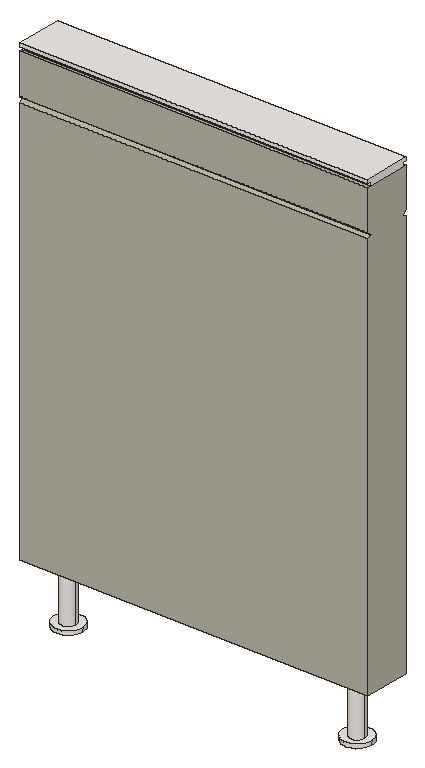
Revit family "M_Sistema de mobiliário-partição-painel", category Sistema de mobiliário, Revit 2019
Family settings
  Cota do conector redondo = Utilizar diâmetro
  Tipo de parte = Normal
  Número OmniClass = 23.40.70.14.64.21
  Título OmniClass = Systems Furniture
  Com base no plano de trabalho = Não
  Sempre na vertical = Sim
  Corte com vazios quando carregada = Não
  Compartilhado = Não
  Ponto de cálculo do ambiente = Não
Parameters (values of type "600 x 900mm")
  Comentários de tipos = "Painel de 600 x 900 mm"
  Espessura = 80 mm
  Início – Tampa visível [instance] = no
  Material do painel [instance] = Tela – Xadrez bege
  Model = ""
  Manufacturer = ""
  Comprimento = 600 mm
  Altura = 900 mm
  Final – Tampa visível [instance] = no
  Material da aresta [instance] = Metal – Linho pintado
  Description = ""
Reference planes
  plane 1 "Centro F/T": y = 0
  plane 2: z = 0
  plane 3 "Centro E/D": x = 0
  plane 4 "Direita": x = 600
  plane 5 "Parte frontal": y = -40
  plane 6: x = 612.7
  plane 7 "Superior": z = 900
  plane 8: z = 101.6
  plane 9: z = 887.3
  plane 10: z = 893.65
  plane 11: x = 50.8
  plane 12: x = 549.2
  plane 13: y = 40
  plane 14: x = 606.35
  plane 15: x = -12.7
  plane 16: z = 6.35
  plane 17: z = 812.8
  plane 18: x = -6.35
Forms (mm)
  Extrusion 1, solid, material "Tela – Xadrez bege" <- "Material do painel"
    sketch origin (0, 0, 0) x (1, 0, 0) y (0, 1, 0)
      loop
        line (0, 40) -> (0, -40) -> (600, -40) -> (600, 40) -> (0, 40)
    from 101.6 to 887.3
  Extrusion 2, solid, material "Metal – Linho pintado" <- "Material da aresta"
    sketch origin (0, 0, 0) x (0, 1, 0) y (0, 0, 1)
      loop
        line (40, 893.65) -> (40, 900) -> (-40, 900) -> (-40, 893.65) -> (-33.65, 893.65) -> (-33.65, 887.3) -> (33.65, 887.3) -> (33.65, 893.65) -> (40, 893.65)
    from 0 to 600
  Extrusion 3, solid, material "Metal – Linho pintado" <- "Material da aresta"
    sketch origin (0, 0, 0) x (1, 0, 0) y (0, 1, 0)
      loop
        circle (50.8, 0) r 12.7
      loop
        circle (549.2, 0) r 12.7
    from 6.35 to 101.6
  Extrusion 4, solid, material "Metal – Linho pintado" <- "Material da aresta", visible <- "Final – Tampa visível"
    sketch origin (0, 0, 0) x (1, 0, 0) y (0, 1, 0)
      loop
        line (606.35, 33.65) -> (600, 33.65) -> (600, -33.65) -> (606.35, -33.65) -> (606.35, -40) -> (612.7, -40) -> (612.7, 40) -> (606.35, 40) -> (606.35, 33.65)
    from 101.6 to 887.3
  Extrusion 5, solid, material "Metal – Linho pintado" <- "Material da aresta", visible <- "Final – Tampa visível"
    sketch origin (0, 0, 0) x (1, 0, 0) y (0, 0, 1)
      loop
        line (600, 900) -> (600, 893.764) -> (606.35, 893.764) -> (606.35, 887.3) -> (612.7, 887.3) -> (612.7, 900) -> (600, 900)
    from -40 to 40
  Extrusion 6, solid, material "Metal – Linho pintado" <- "Material da aresta"
    sketch origin (0, 0, 0) x (1, 0, 0) y (0, 1, 0)
      loop
        circle (50.8, 0) r 25.4
      loop
        circle (549.2, 0) r 25.4
    from 0 to 6.35
  Extrusion 7, void
    sketch origin (0, 0, 0) x (0, 1, 0) y (0, 0, 1)
      loop
        line (-40, 817.637) -> (-40, 807.963) -> (-35.163, 812.8) -> (-40, 817.637)
      loop
        line (40, 817.637) -> (35.163, 812.8) -> (40, 807.963) -> (40, 817.637)
    from 0 to 600
  Extrusion 8, solid, material "Metal – Linho pintado" <- "Material da aresta", visible <- "Início – Tampa visível"
    sketch origin (1162.05, 0, 0) x (-1, 0, 0) y (0, -1, 0)
      loop
        line (1168.4, 33.65) -> (1162.05, 33.65) -> (1162.05, -33.65) -> (1168.4, -33.65) -> (1168.4, -40) -> (1174.75, -40) -> (1174.75, 40) -> (1168.4, 40) -> (1168.4, 33.65)
    from 101.6 to 887.3
  Extrusion 9, solid, material "Metal – Linho pintado" <- "Material da aresta", visible <- "Início – Tampa visível"
    sketch origin (1131.578, 0, 0) x (-1, 0, 0) y (0, 0, 1)
      loop
        line (1131.578, 900) -> (1131.578, 893.65) -> (1137.928, 893.65) -> (1137.928, 887.3) -> (1144.278, 887.3) -> (1144.278, 900) -> (1131.578, 900)
    from -40 to 40
Cuts and joins
  joined: Extrusion 4, Extrusion 5
  joined: Extrusion 3, Extrusion 6
  Extrusion 7 cuts Extrusion 1
  joined: Extrusion 8, Extrusion 9
Lines and regions (mm)
  Masking region 1
    outline origin (0, 0, 0) x (1, 0, 0) y (0, 1, 0)
      loop
        line (0, 40) -> (0, -40) -> (600, -40) -> (600, 40) -> (0, 40)
  Masking region 2, visible <- "Final – Tampa visível"
    outline origin (0, 0, 0) x (1, 0, 0) y (0, 1, 0)
      loop
        line (600, 40) -> (600, -40) -> (612.7, -40) -> (612.7, 40) -> (600, 40)
  Masking region 3, visible <- "Início – Tampa visível"
    outline origin (-1272.743, 0, 0) x (1, 0, 0) y (0, 1, 0)
      loop
        line (1260.043, 40) -> (1260.043, -40) -> (1272.743, -40) -> (1272.743, 40) -> (1260.043, 40)
  symbolic lines, style "FurnitureSystemsHiddenLines"
    curve 1: arc (38.1, 0, 0) -> (50.8, -12.7, 0) -> (63.5, 0, 0) r 12.7
    curve 2: arc (63.5, 0, 0) -> (50.8, 12.7, 0) -> (38.1, 0, 0) r 12.7
    curve 3: arc (536.5, 0, 0) -> (549.2, -12.7, 0) -> (561.9, 0, 0) r 12.7
    curve 4: arc (561.9, 0, 0) -> (549.2, 12.7, 0) -> (536.5, 0, 0) r 12.7
Dimensions and locks
  "Comprimento": plane 3 "Centro E/D" to plane 4 "Direita"
  plane 4 "Direita" to plane 6 = 12.7 mm
  plane 8 to plane 2 = 101.6 mm
  "Altura": plane 7 "Superior" to plane 2
  locked: plane 7 "Superior" to plane 9 at 12.7
  equal spacing: plane 7 "Superior", plane 10, plane 9
  locked: Extrusion 2 sketch curve to plane 5 "Parte frontal" at 6.35
  locked: plane 3 "Centro E/D" to plane 11 at 50.8
  locked: plane 12 to plane 4 "Direita" at 50.8
  "Espessura": plane 13 to plane 5 "Parte frontal"
  equal spacing: plane 13, plane 1 "Centro F/T", plane 5 "Parte frontal"
  locked: plane 13 to Extrusion 2 sketch curve at 6.35
  equal spacing: plane 4 "Direita", plane 14, plane 6
  locked: plane 13 to Extrusion 4 sketch curve at 6.35
  locked: Extrusion 4 sketch curve to plane 5 "Parte frontal" at 6.35
  locked: plane 7 "Superior" to Extrusion 5 sketch curve at 6.236
  locked: Extrusion 5 sketch curve to plane 6 at 6.35
  locked: plane 16 to level at 6.35
  locked: plane 2 to plane 17 at 812.8
  locked: plane 15 to plane 3 "Centro E/D" at 12.7
  equal spacing: plane 15, plane 18, plane 3 "Centro E/D"
  locked: Extrusion 8 sketch curve to plane 13 at 6.35
  locked: Extrusion 8 sketch curve to plane 5 "Parte frontal" at 6.35
  equal spacing: plane 7 "Superior", Extrusion 9 sketch curve, plane 9
  equal spacing: plane 3 "Centro E/D", Extrusion 9 sketch curve, plane 15
  Extrusion 8 to plane 3 "Centro E/D" = 6.35 mm
  aligned and locked: plane 5 "Parte frontal" to Extrusion 1 sketch curve
  aligned and locked: plane 3 "Centro E/D" to Extrusion 1 sketch curve
  aligned and locked: Extrusion 1 sketch curve to plane 4 "Direita"
  aligned and locked: level to plane 2
  aligned and locked: Extrusion 1 to plane 8
  aligned and locked: plane 9 to Extrusion 1
  aligned and locked: Extrusion 2 sketch curve to plane 7 "Superior"
  aligned and locked: plane 10 to Extrusion 2 sketch curve  (x2)
  aligned and locked: plane 9 to Extrusion 2 sketch curve
  aligned and locked: plane 5 "Parte frontal" to Extrusion 2 sketch curve
  aligned and locked: plane 4 "Direita" to Extrusion 2
  aligned and locked: Extrusion 1 sketch curve to plane 13
  aligned and locked: Extrusion 2 sketch curve to plane 13
  aligned and locked: plane 1 "Centro F/T" to Extrusion 3 sketch curve  (x2)
  aligned and locked: plane 11 to Extrusion 3 sketch curve
  aligned and locked: plane 12 to Extrusion 3 sketch curve
  aligned and locked: plane 8 to Extrusion 3
  aligned and locked: Extrusion 4 sketch curve to plane 13
  aligned and locked: plane 14 to Extrusion 4 sketch curve  (x2)
  aligned and locked: plane 6 to Extrusion 4 sketch curve
  aligned and locked: plane 5 "Parte frontal" to Extrusion 4 sketch curve
  aligned and locked: plane 4 "Direita" to Extrusion 4 sketch curve
  aligned and locked: Extrusion 4 to Extrusion 1
  aligned and locked: Extrusion 4 to plane 8
  aligned and locked: plane 6 to Extrusion 5 sketch curve
  aligned and locked: Extrusion 5 sketch curve to plane 7 "Superior"
  aligned and locked: plane 4 "Direita" to Extrusion 5 sketch curve
  aligned and locked: plane 9 to Extrusion 5 sketch curve
  aligned and locked: plane 13 to Extrusion 5
  aligned and locked: Extrusion 5 to plane 5 "Parte frontal"
  aligned and locked: plane 3 "Centro E/D" to Masking region 1 sketch curve
  aligned and locked: Masking region 1 sketch curve to plane 4 "Direita"
  aligned and locked: Masking region 1 sketch curve to plane 13
  aligned and locked: plane 5 "Parte frontal" to Masking region 1 sketch curve
  aligned and locked: curve 1 to Extrusion 3
  aligned and locked: curve 3 to Extrusion 3
  aligned and locked: plane 4 "Direita" to Masking region 2 sketch curve
  aligned and locked: plane 6 to Masking region 2 sketch curve
  aligned and locked: Masking region 2 sketch curve to plane 13
  aligned and locked: plane 5 "Parte frontal" to Masking region 2 sketch curve
  aligned and locked: plane 11 to Extrusion 6 sketch curve
  aligned and locked: plane 1 "Centro F/T" to Extrusion 6 sketch curve  (x2)
  aligned and locked: plane 16 to Extrusion 6
  aligned and locked: Extrusion 3 to plane 16
  aligned and locked: plane 12 to Extrusion 6 sketch curve
  aligned and locked: plane 13 to Extrusion 7 sketch curve
  aligned and locked: plane 5 "Parte frontal" to Extrusion 7 sketch curve
  aligned and locked: plane 17 to Extrusion 7 sketch curve  (x2)
  aligned and locked: cut or joined group of Extrusion 1, Extrusion 7 to plane 3 "Centro E/D"
  aligned and locked: plane 4 "Direita" to cut or joined group of Extrusion 1, Extrusion 7
  aligned and locked: plane 18 to Extrusion 8 sketch curve  (x2)
  aligned and locked: plane 15 to Extrusion 8 sketch curve
  aligned and locked: Extrusion 8 sketch curve to plane 3 "Centro E/D"
  aligned and locked: plane 7 "Superior" to Extrusion 9 sketch curve
  aligned and locked: Extrusion 9 sketch curve to plane 15
  aligned and locked: Extrusion 9 sketch curve to plane 9
  aligned and locked: plane 3 "Centro E/D" to Extrusion 9 sketch curve
  aligned and locked: Masking region 3 sketch curve to plane 3 "Centro E/D"
  aligned and locked: plane 15 to Masking region 3 sketch curve
  aligned and locked: Masking region 3 sketch curve to plane 13
  aligned and locked: plane 5 "Parte frontal" to Masking region 3 sketch curve
  aligned and locked: plane 9 to Extrusion 8
  aligned and locked: Extrusion 8 to plane 8
  aligned and locked: plane 13 to cut or joined group of Extrusion 8, Extrusion 9
  aligned and locked: cut or joined group of Extrusion 8, Extrusion 9 to plane 5 "Parte frontal"
Automatic sketch dimensions
  plane 5 "Parte frontal" to Extrusion 7 sketch curve = 4.837 mm
  Extrusion 7 sketch curve to plane 13 = 4.837 mm
  plane 17 to Extrusion 7 sketch curve = 4.837 mm  (x2)
  Extrusion 8 sketch curve to plane 13 = 0 mm
  Extrusion 8 sketch curve to plane 5 "Parte frontal" = 0 mm
  radius of Extrusion 3 sketch curve = 12.7 mm  (x2)
  radius of Extrusion 6 sketch curve = 25.4 mm  (x2)
Types in the file's own list only (14): name | Comentários de tipos | Comprimento | Altura
  600 x 1050mm | "Painel de 600 x 1050 mm" | 600 mm | 1050 mm
  600 x 1500mm | "Painel de 600 x 1500 mm" | 600 mm | 1500 mm
  750 x 900mm | "Painel de 750 x 900 mm" | 750 mm | 900 mm
  750 x 1050mm | "Painel de 750 x 1050 mm" | 750 mm | 1050 mm
  750 x 1500mm | "Painel de 750 x 1500 mm" | 750 mm | 1500 mm
  900 x 900mm | "Painel de 900 x 900 mm" | 900 mm | 900 mm
  900 x 1050mm | "Painel de 900 x 1050 mm" | 900 mm | 1050 mm
  900 x 1500mm | "Painel de 900 x 1500 mm" | 900 mm | 1500 mm
  1050 x 900mm | "Painel de 1050 x 900 mm" | 1050 mm | 900 mm
  1050 x 1050mm | "Painel de 1050 x 1050 mm" | 1050 mm | 1050 mm
  1050 x 1500mm | "Painel de 1050 x 1500 mm" | 1050 mm | 1500 mm
  1200 x 900mm | "Painel de 1200 x 900 mm" | 1200 mm | 900 mm
  1200 x 1050mm | "Painel de 1200 x 1050 mm" | 1200 mm | 1050 mm
  1200 x 1500mm | "Painel de 1200 x 1500 mm" | 1200 mm | 1500 mm
